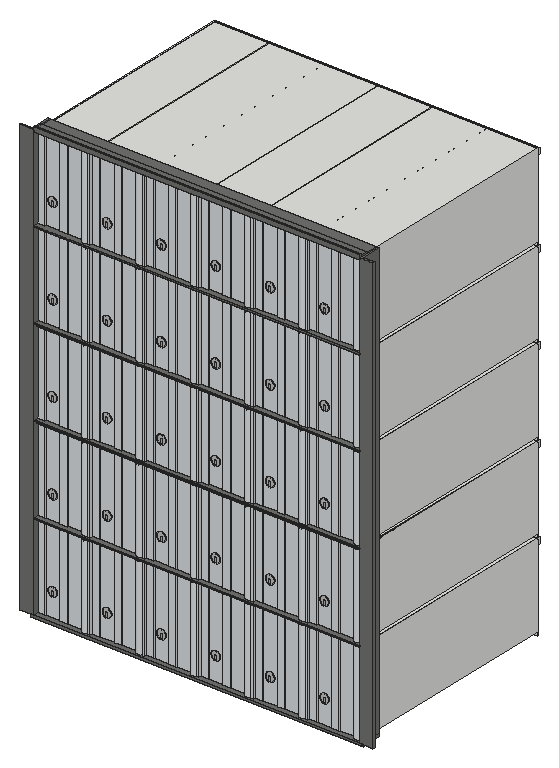
Revit family "2200_Series_Aluminum_Mailboxes_Standard_Units", category Specialty Equipment, Revit 2016
Family settings
  Part Type = Normal
  Round Connector Dimension = Use Diameter
  OmniClass Number = 23.40.90.14.11
  OmniClass Title = Mail Boxes
  Work Plane-Based = No
  Always vertical = Yes
  Cut with Voids When Loaded = No
  Shared = No
  Room Calculation Point = No
Parameters (values of type "2230")
  Width = 23.250"
  Void 4 Offset = 6.06262"
  Void 2 Offset = 17.937"
  Visible = yes
  Version = "2.0 (06/30/18)"
  URL = "www.mailboxes.com"
  Type Comments = "Aluminum Mailbox"
  Trim Material = Aluminum - Salsbury Finish - Black
  Rear Overhang = yes
  OmniClass 23 Title = "Mail Boxes"
  OmniClass 23 Number = "23.40.90.14.11"
  Model = "2230"
  MasterFormat Title = "Postal Specialties"
  MasterFormat Number = "10 55 00"
  Manufacturer = "Salsbury Industries"
  Lock Material = Stainless Steel -Salsbury Finish - Polished
  Horizontal Dividers 1 and 3 = yes
  Horizontal Divider 4 = yes
  Horizontal Divider 2 = yes
  Height = 30.000"
  Front Panel Material = Aluminum - Salsbury Finish - Aluminum
  Door Numbers [instance] = yes
  Door Location D9 = Rack Ladder #1 Door : #1 Door
  Door Location D8 = Rack Ladder #1 Door : #1 Door
  Door Location D7 = Rack Ladder #1 Door : #1 Door
  Door Location D6 = Rack Ladder #1 Door : #1 Door
  Door Location D5 = Rack Ladder #1 Door : #1 Door
  Door Location D40 = Rack Ladder None : No Door
  Door Location D4 = Rack Ladder #1 Door : #1 Door
  Door Location D39 = Rack Ladder None : No Door
  Door Location D38 = Rack Ladder None : No Door
  Door Location D37 = Rack Ladder None : No Door
  Door Location D36 = Rack Ladder None : No Door
  Door Location D35 = Rack Ladder None : No Door
  Door Location D34 = Rack Ladder None : No Door
  Door Location D33 = Rack Ladder None : No Door
  Door Location D32 = Rack Ladder None : No Door
  Door Location D31 = Rack Ladder None : No Door
  Door Location D30 = Rack Ladder #1 Door : #1 Door
  Door Location D3 = Rack Ladder #1 Door : #1 Door
  Door Location D29 = Rack Ladder #1 Door : #1 Door
  Door Location D28 = Rack Ladder #1 Door : #1 Door
  Door Location D27 = Rack Ladder #1 Door : #1 Door
  Door Location D26 = Rack Ladder #1 Door : #1 Door
  Door Location D25 = Rack Ladder #1 Door : #1 Door
  Door Location D24 = Rack Ladder #1 Door : #1 Door
  Door Location D23 = Rack Ladder #1 Door : #1 Door
  Door Location D22 = Rack Ladder #1 Door : #1 Door
  Door Location D21 = Rack Ladder #1 Door : #1 Door
  Door Location D20 = Rack Ladder #1 Door : #1 Door
  Door Location D2 = Rack Ladder #1 Door : #1 Door
  Door Location D19 = Rack Ladder #1 Door : #1 Door
  Door Location D18 = Rack Ladder #1 Door : #1 Door
  Door Location D17 = Rack Ladder #1 Door : #1 Door
  Door Location D16 = Rack Ladder #1 Door : #1 Door
  Door Location D15 = Rack Ladder #1 Door : #1 Door
  Door Location D14 = Rack Ladder #1 Door : #1 Door
  Door Location D13 = Rack Ladder #1 Door : #1 Door
  Door Location D12 = Rack Ladder #1 Door : #1 Door
  Door Location D11 = Rack Ladder #1 Door : #1 Door
  Door Location D10 = Rack Ladder #1 Door : #1 Door
  Door Location D1 = Rack Ladder #1 Door : #1 Door
  Dividers 6, 7 = no
  Dividers 1, 2, 4, 5 = yes
  Divider 6 and 7 Offset = 29.40625"
  Divider 3 = yes
  Description = "Standard System - 30 #1 Doors"
  Depth = 15.500"
  Back Enclosure Material = Steel - Salsbury Finish - Clear
  Assembly Code = "C1030910"
Reference planes (in)
  plane 1 "Center (Front/Back)": y = 0
  plane 2 "Bottom": z = 0
  plane 3 "Center (Left/Right)": x = 0
  plane 4 "Left": x = -11.625
  plane 5 "Right": x = 11.625
  plane 6 "Front": y = -7.75
  plane 7 "Back": y = 7.75
  plane 8 "Vertical Center": z = 15
  plane 9 "Top": z = 30
  plane 10: y = -7.625
  plane 11 "Door Align-Back of Door": y = -7.09375
  plane 12 "Back Edge of Top Trim": y = -6.21875
  plane 13 "Front Edge of Side Panels": y = -6.8125
  plane 14 "Back Edge of Side Panels": y = 7.625
  plane 15: y = -7.563
  plane 16: y = -7.063
  plane 17 "Back Edge of Bottom Trim": y = -6.1255
  plane 18: z = 0.125
  plane 19: z = 0.0625
  plane 20 "Bottom Trim Height": z = 0.25
  plane 21 "Top Trim Height": z = 29.6875
  plane 22: z = 29.84375
  plane 23: z = 29.875
  plane 24 "Right Side Trim Alignment-Top and Bottom Trim": x = 11.25
  plane 25 "Inner Right Side of Trim": x = 11.09375
  plane 26 "Right Wall of Enclsosure": x = 10.93775
  plane 27: y = -7.5
  plane 28: y = -7.375
  plane 29 "Back Edge of Side Trim": y = -6.3125
  plane 30 "Left Side Trim Alignment-Top and Bottom Trim": x = -11.25
  plane 31 "Trop Trim Extrusion Line": y = -7.53125
  plane 32 "Left Wall of Enclosure": x = -11.0935
  plane 33: z = 29.65625
  plane 34: z = 0
  plane 35: x = -11.59375
  plane 36: x = 11.625
  plane 37 "Door Divider 2": x = -3.6975
  plane 38 "Door Divider 3": x = 0.0005
  plane 39 "Door Divider 4": x = 3.6985
  plane 40 "Door Divider 7": x = 5.54825
  plane 41 "Door Divider 5": x = 7.3965
  plane 42 "Door Divider 6": x = -5.54675
  plane 43 "Door Divider 1": x = -7.3955
  plane 44 "Door Divider Offset Align": x = 11.09375
  plane 45 "Door Divider": x = 11.09375
  plane 46 "Void 4 Offset": z = 6.06262
  plane 47 "Door Align - Row 5": z = 0.28125
  plane 48 "Gap 4 Top": z = 6.219
  plane 49 "Vertical Door Align 5": x = 7.23725
  plane 50 "Vertical Door Align 8": x = 5.389
  plane 51 "Vertical Door Align 4": x = 3.53925
  plane 52 "Vertical Door Align 3": x = -0.15875
  plane 53 "Vertical Door Align 2": x = -3.85675
  plane 54 "Vertical Door Align 7": x = -5.70575
  plane 55 "Vertical Door Align 1": x = -7.5545
  plane 56 "Vertical Door Align 6": x = 10.9375
  plane 57 "OffSet Divider Line": x = -11.0935
  plane 58 "Gap 4 Bottom": z = 5.90625
  plane 59 "Gap 3 Bottom": z = 11.844
  plane 60 "Gap 3 Top": z = 12.156
  plane 61 "Void 3 Offset": z = 12
  plane 62 "Gap 2 Bottom": z = 17.781
  plane 63 "Gap 2 Top": z = 18.093
  plane 64 "Void 2 Offset": z = 17.937
  plane 65 "Gap 1 Bottom": z = 23.718
  plane 66 "Gap 1 Top": z = 24.03
  plane 67 "Void 1 Offset": z = 23.874
  plane 68: z = 17.999
  plane 69: z = 23.936
  plane 70: z = 12.06175
  plane 71: z = 6.125
  plane 72 "Divider Offset": z = 0.25
  plane 73 "Top of Divider Offset": z = 29.65625
  plane 74: x = 11.99975
  plane 75: x = -11.9995
  plane 76: y = 7.594
  plane 77: z = 6.18762
  plane 78: z = 5.93762
  plane 79: z = 11.875
  plane 80: z = 12.125
  plane 81: z = 17.812
  plane 82: z = 18.062
  plane 83: z = 23.749
  plane 84: z = 23.999
  plane 85: z = 5.53125
  plane 86: z = 5.88241
  plane 87: z = 5.56225
  plane 88: y = 7.719
  plane 89: y = 7.68316
  plane 90: y = 7.65216
  plane 91: z = 11.469
  plane 92: z = 11.5
  plane 93: z = 11.82016
  plane 94: y = 7.719
  plane 95: y = 7.68316
  plane 96: y = 7.65216
  plane 97: z = 17.406
  plane 98: z = 17.437
  plane 99: z = 17.75716
  plane 100: y = 7.719
  plane 101: y = 7.68316
  plane 102: y = 7.65216
  plane 103: z = 23.343
  plane 104: z = 23.374
  plane 105: z = 23.69416
  plane 106: y = 7.719
  plane 107: y = 7.68316
  plane 108: y = 7.65216
  plane 109: z = 29.28125
  plane 110: z = 29.31225
  plane 111: z = 29.63266
  plane 112: y = 7.719
  plane 113: y = 7.6812
  plane 114: y = 7.6502
  plane 115: x = -11.06225
  plane 116: x = 10.9065
  plane 117: x = 7.3965
  plane 118: x = 5.57925
  plane 119: x = 7.4275
  plane 120: x = 3.7295
  plane 121: x = 0.0315
  plane 122: x = -3.6665
  plane 123: x = -5.51575
  plane 124: x = -7.3645
  plane 125: z = 6.18762
  plane 126: z = 5.93762
  plane 127: z = 18.062
  plane 128: z = 17.812
Forms (in)
  Extrusion 1, solid, material "Aluminum - Salsbury Finish - Black" <- "Trim Material", visible <- "Visible"
    sketch origin (0, 0, 0) x (0, 1, 0) y (0, 0, 1)
      loop
        line (-7.75, 29.6875) -> (-6.3125, 29.6875) -> (-6.3125, 29.84375) -> (-7.09375, 29.84375) -> (-7.09375, 29.875) -> (-7.625, 29.875) -> (-7.625, 30) -> (-7.75, 30) -> (-7.75, 29.6875)
    from -11.0935 to 11.09375
  Extrusion 2, solid, material "Aluminum - Salsbury Finish - Black" <- "Trim Material", visible <- "Visible"
    sketch origin (0, 0, 0) x (0, 1, 0) y (0, 0, 1)
      loop
        line (-6.3125, 0.25) -> (-7.75, 0.25) -> (-7.75, 0.125) -> (-7.563, 0.125) -> (-7.563, 0) -> (-7.063, 0) -> (-7.063, 0.0625) -> (-6.3125, 0.0625) -> (-6.3125, 0.25)
    from -11.25 to 11.25
  Extrusion 3, solid, material "Aluminum - Salsbury Finish - Black" <- "Trim Material", visible <- "Visible"
    sketch origin (0, 0, 15) x (0, -1, 0) y (1, 0, 0)
      loop
        line (7.75, 11.09375) -> (7.75, 11.99975) -> (7.625, 11.99975) -> (7.625, 11.25) -> (6.3125, 11.25) -> (6.3125, 11.09375) -> (7.75, 11.09375)
    from -14.75 to 14.84375
  Extrusion 4, solid, material "Aluminum - Salsbury Finish - Black" <- "Trim Material", visible <- "Visible"
    sketch origin (0, 0, 15) x (0, -1, 0) y (1, 0, 0)
      loop
        line (7.625, -11.9995) -> (7.75, -11.9995) -> (7.75, -11.0935) -> (6.3125, -11.0935) -> (6.3125, -11.25) -> (7.625, -11.25) -> (7.625, -11.9995)
    from -14.75 to 14.84375
  Sweep 5, solid, material "Steel - Salsbury Finish - Clear" <- "Back Enclosure Material", visible <- "Visible"
    path origin (0, 0, 0) x (1, 0, 0) y (0, 0, 1)
      loop
        line (-11.0935, 29.6875) -> (-11.0935, 0.25) -> (10.93775, 0.25) -> (10.93775, 29.6875) -> (-11.0935, 29.6875)
    profile origin (-0.07788, 0, 29.6875) x (0, 0, 1) y (0, -1, 0)
      loop
        line (0, 7.063) -> (-0.03125, 7.063) -> (-0.03125, -7.625) -> (0, -7.625) -> (0, 7.063)
  Extrusion 6, solid, material "Steel - Salsbury Finish - Clear" <- "Back Enclosure Material", visible <- "Rear Overhang"
    sketch origin (0, 0, 0) x (0, 1, 0) y (0, 0, 1)
      loop
        line (7.625, 29.6875) -> (7.625, 29.65625) -> (7.719, 29.65625) -> (7.719, 29.31225) -> (7.6812, 29.31225) -> (7.6812, 29.63266) -> (7.6502, 29.63266) -> (7.6502, 29.28125) -> (7.75, 29.28125) -> (7.75, 29.6875) -> (7.625, 29.6875)
    from -11.0935 to 10.93775
  Extrusion 7, solid, material "Steel - Salsbury Finish - Clear" <- "Back Enclosure Material", visible <- "Visible"
    sketch origin (0, 0, 0) x (0, 1, 0) y (0, 0, 1)
      loop
        line (7.625, 0.25) -> (7.594, 0.25) -> (7.594, 0) -> (7.625, 0) -> (7.625, 0.25)
    from -11.0935 to 10.93775
  Extrusion 8, void
    sketch origin (0, 0, 6.06262) x (0, -1, 0) y (1, 0, 0)
      loop
        line (-7.625, -11.0935) -> (7.563, -11.0935) -> (7.563, 11.09375) -> (-7.625, 11.09375) -> (-7.625, -11.0935)
    from -0.125 to 0.125
  Extrusion 9, solid, material "Steel - Salsbury Finish - Clear" <- "Back Enclosure Material", visible <- "Horizontal Dividers 1 and 3", detail levels fine
    sketch origin (0, 0, 3.0455) x (0, 1, 0) y (0, 0, 1)
      loop
        line (7.625, 20.7035) -> (7.625, 20.9535) -> (7.594, 20.9535) -> (7.594, 20.6725) -> (7.719, 20.6725) -> (7.719, 20.3285) -> (7.68316, 20.3285) -> (7.68316, 20.64866) -> (7.65216, 20.64866) -> (7.65216, 20.2975) -> (7.75, 20.2975) -> (7.75, 20.7035) -> (7.625, 20.7035)
    from -11.0935 to 10.93775
  Extrusion 10, solid, material "Aluminum - Salsbury Finish - Aluminum" <- "Front Panel Material", visible <- "Visible"
    sketch origin (11.09375, 0, 0) x (0, -1, 0) y (0, 0, 1)
      loop
        line (6.3125, 29.6875) -> (6.3125, 0.25) -> (7.53125, 0.25) -> (7.53125, 29.6875) -> (6.3125, 29.6875)
    from 0 to 0.156
  Extrusion 11, solid, material "Aluminum - Salsbury Finish - Aluminum" <- "Front Panel Material", visible <- "Dividers 6, 7"
    sketch origin (5.54825, 0, 0) x (0, 0, -1) y (0, -1, 0)
      loop
        line (-29.6875, 6.3125) -> (-0.25, 6.3125) -> (-0.25, 7.53125) -> (-29.6875, 7.53125) -> (-29.6875, 6.3125)
    from 0 to 0.15925
  Extrusion 12, solid, material "Aluminum - Salsbury Finish - Aluminum" <- "Front Panel Material", visible <- "Dividers 1, 2, 4, 5"
    sketch origin (7.3965, 0, 0) x (0, 0, -1) y (0, -1, 0)
      loop
        line (-29.6875, 6.3125) -> (-0.25, 6.3125) -> (-0.25, 7.53125) -> (-29.6875, 7.53125) -> (-29.6875, 6.3125)
    from 0 to 0.15925
  Extrusion 13, solid, material "Aluminum - Salsbury Finish - Aluminum" <- "Front Panel Material", visible <- "Dividers 6, 7"
    sketch origin (-5.54675, 0, 0) x (0, 0, -1) y (0, 1, 0)
      loop
        line (-29.6875, -6.3125) -> (-29.6875, -7.53125) -> (-0.25, -7.53125) -> (-0.25, -6.3125) -> (-29.6875, -6.3125)
    from 0 to -0.159
  Extrusion 14, solid, material "Aluminum - Salsbury Finish - Aluminum" <- "Front Panel Material", visible <- "Dividers 1, 2, 4, 5"
    sketch origin (3.6985, 0, 0) x (0, 0, -1) y (0, -1, 0)
      loop
        line (-29.6875, 6.3125) -> (-0.25, 6.3125) -> (-0.25, 7.53125) -> (-29.6875, 7.53125) -> (-29.6875, 6.3125)
    from 0 to 0.15925
  Extrusion 15, solid, material "Aluminum - Salsbury Finish - Aluminum" <- "Front Panel Material", visible <- "Divider 3"
    sketch origin (0.0005, 0, 0) x (0, 0, -1) y (0, -1, 0)
      loop
        line (-29.6875, 6.3125) -> (-0.28125, 6.3125) -> (-0.28125, 7.53125) -> (-29.6875, 7.53125) -> (-29.6875, 6.3125)
    from 0 to 0.15925
  Extrusion 16, solid, material "Aluminum - Salsbury Finish - Aluminum" <- "Front Panel Material", visible <- "Dividers 1, 2, 4, 5"
    sketch origin (-3.6975, 0, 0) x (0, 0, -1) y (0, -1, 0)
      loop
        line (-29.6875, 6.3125) -> (-0.25, 6.3125) -> (-0.25, 7.53125) -> (-29.6875, 7.53125) -> (-29.6875, 6.3125)
    from 0 to 0.15925
  Extrusion 17, solid, material "Aluminum - Salsbury Finish - Aluminum" <- "Front Panel Material", visible <- "Dividers 1, 2, 4, 5"
    sketch origin (-7.3955, 0, 0) x (0, 0, -1) y (0, 1, 0)
      loop
        line (-29.6875, -6.3125) -> (-29.6875, -7.53125) -> (-0.25, -7.53125) -> (-0.25, -6.3125) -> (-29.6875, -6.3125)
    from 0 to -0.159
  Extrusion 18, solid, material "Steel - Salsbury Finish - Clear" <- "Back Enclosure Material", visible <- "Horizontal Divider 4"
    sketch origin (0, 0, 6.06262) x (0, -1, 0) y (1, 0, 0)
      loop
        line (-7.625, -11.06225) -> (7.09375, -11.06225) -> (7.09375, 10.9065) -> (-7.625, 10.9065) -> (-7.625, -11.06225)
    from -0.15638 to -0.125
  Extrusion 19, solid, material "Steel - Salsbury Finish - Clear" <- "Back Enclosure Material", visible <- "Horizontal Divider 4"
    sketch origin (0, 0, 6.219) x (0, -1, 0) y (1, 0, 0)
      loop
        line (-7.625, -11.06225) -> (7.09375, -11.06225) -> (7.09375, 10.9065) -> (-7.625, 10.9065) -> (-7.625, -11.06225)
    from 0 to -0.03138
  Extrusion 20, solid, material "Steel - Salsbury Finish - Clear" <- "Back Enclosure Material", visible <- "Dividers 1, 2, 4, 5"
    sketch origin (7.3965, 0, 0) x (0, 0, -1) y (0, -1, 0)
      loop
        line (-29.65625, 7.063) -> (-29.65625, -7.625) -> (-0.28125, -7.625) -> (-0.28125, 7.063) -> (-29.65625, 7.063)
    from 0 to -0.031
  Extrusion 21, solid, material "Steel - Salsbury Finish - Clear" <- "Back Enclosure Material", visible <- "Dividers 1, 2, 4, 5"
    sketch origin (3.6985, 0, 0) x (0, 0, -1) y (0, -1, 0)
      loop
        line (-29.65625, 7.063) -> (-29.65625, -7.625) -> (-0.28125, -7.625) -> (-0.28125, 7.063) -> (-29.65625, 7.063)
    from 0 to -0.031
  Extrusion 22, solid, material "Steel - Salsbury Finish - Clear" <- "Back Enclosure Material", visible <- "Divider 3"
    sketch origin (0.0005, 0, 0) x (0, 0, -1) y (0, -1, 0)
      loop
        line (-29.65625, 7.063) -> (-29.65625, -7.625) -> (-0.28125, -7.625) -> (-0.28125, 7.063) -> (-29.65625, 7.063)
    from 0 to -0.031
  Extrusion 23, solid, material "Steel - Salsbury Finish - Clear" <- "Back Enclosure Material", visible <- "Dividers 1, 2, 4, 5"
    sketch origin (-3.6975, 0, 0) x (0, 0, -1) y (0, -1, 0)
      loop
        line (-29.65625, 7.063) -> (-29.65625, -7.625) -> (-0.28125, -7.625) -> (-0.28125, 7.063) -> (-29.65625, 7.063)
    from 0 to -0.031
  Extrusion 24, solid, material "Steel - Salsbury Finish - Clear" <- "Back Enclosure Material", visible <- "Dividers 1, 2, 4, 5"
    sketch origin (-7.3955, 0, 0) x (0, 0, -1) y (0, 1, 0)
      loop
        line (-29.65625, -7.063) -> (-0.28125, -7.063) -> (-0.28125, 7.625) -> (-29.65625, 7.625) -> (-29.65625, -7.063)
    from 0 to 0.031
  Extrusion 25, solid, material "Steel - Salsbury Finish - Clear" <- "Back Enclosure Material", visible <- "Dividers 6, 7"
    sketch origin (5.54825, 0, 0) x (0, 0, -1) y (0, -1, 0)
      loop
        line (-29.65625, 7.063) -> (-29.65625, -7.625) -> (-0.25, -7.625) -> (-0.25, 7.063) -> (-29.65625, 7.063)
    from 0 to -0.031
  Extrusion 26, solid, material "Steel - Salsbury Finish - Clear" <- "Back Enclosure Material", visible <- "Dividers 6, 7"
    sketch origin (-5.54675, 0, 0) x (0, 0, -1) y (0, 1, 0)
      loop
        line (-29.65625, -7.063) -> (-0.25, -7.063) -> (-0.25, 7.625) -> (-29.65625, 7.625) -> (-29.65625, -7.063)
    from 0 to 0.031
  Extrusion 27, solid, material "Steel - Salsbury Finish - Clear" <- "Back Enclosure Material", visible <- "Horizontal Dividers 1 and 3"
    sketch origin (0, 0, 12.156) x (0, -1, 0) y (1, 0, 0)
      loop
        line (-7.625, -11.06225) -> (7.09375, -11.06225) -> (7.09375, 10.9065) -> (-7.625, 10.9065) -> (-7.625, -11.06225)
    from 0 to -0.031
  Extrusion 28, solid, material "Steel - Salsbury Finish - Clear" <- "Back Enclosure Material", visible <- "Horizontal Dividers 1 and 3"
    sketch origin (0, 0, 11.844) x (0, -1, 0) y (1, 0, 0)
      loop
        line (-7.625, -11.06225) -> (7.09375, -11.06225) -> (7.09375, 10.9065) -> (-7.625, 10.9065) -> (-7.625, -11.06225)
    from 0 to 0.031
  Extrusion 29, void
    sketch origin (0, 0, 12) x (-1, 0, 0) y (0, -1, 0)
      loop
        line (11.0935, -7.625) -> (11.0935, 7.563) -> (-11.09375, 7.563) -> (-11.09375, -7.625) -> (11.0935, -7.625)
    from -0.125 to 0.125
  Extrusion 30, solid, material "Steel - Salsbury Finish - Clear" <- "Back Enclosure Material", visible <- "Horizontal Divider 2"
    sketch origin (0, 0, 17.781) x (0, -1, 0) y (1, 0, 0)
      loop
        line (-7.625, -11.06225) -> (7.09375, -11.06225) -> (7.09375, 10.9065) -> (-7.625, 10.9065) -> (-7.625, -11.06225)
    from 0 to 0.031
  Extrusion 31, solid, material "Steel - Salsbury Finish - Clear" <- "Back Enclosure Material", visible <- "Horizontal Divider 2"
    sketch origin (0, 0, 18.093) x (0, -1, 0) y (1, 0, 0)
      loop
        line (-7.625, -11.06225) -> (7.09375, -11.06225) -> (7.09375, 10.9065) -> (-7.625, 10.9065) -> (-7.625, -11.06225)
    from 0 to -0.031
  Extrusion 32, void
    sketch origin (0, 0, 17.937) x (-1, 0, 0) y (0, -1, 0)
      loop
        line (11.0935, -7.625) -> (11.0935, 7.563) -> (-11.09375, 7.563) -> (-11.09375, -7.625) -> (11.0935, -7.625)
    from -0.125 to 0.125
  Extrusion 33, void
    sketch origin (0, 0, 23.874) x (-1, 0, 0) y (0, -1, 0)
      loop
        line (11.0935, -7.625) -> (11.0935, 7.563) -> (-11.09375, 7.563) -> (-11.09375, -7.625) -> (11.0935, -7.625)
    from -0.125 to 0.125
  Extrusion 34, solid, material "Steel - Salsbury Finish - Clear" <- "Back Enclosure Material", visible <- "Horizontal Dividers 1 and 3"
    sketch origin (0, 0, 23.718) x (0, -1, 0) y (1, 0, 0)
      loop
        line (-7.625, -11.06225) -> (7.09375, -11.06225) -> (7.09375, 10.9065) -> (-7.625, 10.9065) -> (-7.625, -11.06225)
    from 0 to 0.031
  Extrusion 35, solid, material "Steel - Salsbury Finish - Clear" <- "Back Enclosure Material", visible <- "Horizontal Dividers 1 and 3"
    sketch origin (0, 0, 24.03) x (0, -1, 0) y (1, 0, 0)
      loop
        line (-7.625, -11.06225) -> (7.09375, -11.06225) -> (7.09375, 10.9065) -> (-7.625, 10.9065) -> (-7.625, -11.06225)
    from 0 to -0.031
  Extrusion 36, solid, material "Aluminum - Salsbury Finish - Black" <- "Trim Material", visible <- "Horizontal Divider 2"
    sketch origin (0, 0, 0) x (0, 1, 0) y (0, 0, 1)
      loop
        line (-6.3125, 18.062) -> (-7.75, 18.062) -> (-7.75, 17.999) -> (-7.53125, 17.999) -> (-7.53125, 17.812) -> (-6.3125, 17.812) -> (-6.3125, 18.062)
    from -11.0935 to 11.09375
  Extrusion 37, solid, material "Aluminum - Salsbury Finish - Black" <- "Trim Material", visible <- "Visible"
    sketch origin (0, 0, 5.937) x (0, 1, 0) y (0, 0, 1)
      loop
        line (-6.3125, 18.062) -> (-7.75, 18.062) -> (-7.75, 17.999) -> (-7.53125, 17.999) -> (-7.53125, 17.812) -> (-6.3125, 17.812) -> (-6.3125, 18.062)
    from -11.0935 to 11.09375
  Extrusion 38, solid, material "Aluminum - Salsbury Finish - Black" <- "Trim Material", visible <- "Visible"
    sketch origin (0, 0, -5.93725) x (0, 1, 0) y (0, 0, 1)
      loop
        line (-6.3125, 18.06225) -> (-7.75, 18.06225) -> (-7.75, 17.999) -> (-7.53125, 17.999) -> (-7.53125, 17.81225) -> (-6.3125, 17.81225) -> (-6.3125, 18.06225)
    from -11.0935 to 11.09375
  Extrusion 39, solid, material "Aluminum - Salsbury Finish - Black" <- "Trim Material", visible <- "Horizontal Divider 4"
    sketch origin (0, 0, -11.87462) x (0, 1, 0) y (0, 0, 1)
      loop
        line (-6.3125, 18.06225) -> (-7.75, 18.06225) -> (-7.75, 17.99963) -> (-7.53125, 17.99963) -> (-7.53125, 17.81225) -> (-6.3125, 17.81225) -> (-6.3125, 18.06225)
    from -11.0935 to 11.09375
  Extrusion 40, solid, material "Steel - Salsbury Finish - Clear" <- "Back Enclosure Material", visible <- "Horizontal Divider 2", detail levels fine
    sketch origin (0, 0, -2.8915) x (0, 1, 0) y (0, 0, 1)
      loop
        line (7.625, 20.7035) -> (7.625, 20.9535) -> (7.594, 20.9535) -> (7.594, 20.6725) -> (7.719, 20.6725) -> (7.719, 20.3285) -> (7.68316, 20.3285) -> (7.68316, 20.64866) -> (7.65216, 20.64866) -> (7.65216, 20.2975) -> (7.75, 20.2975) -> (7.75, 20.7035) -> (7.625, 20.7035)
    from -11.0935 to 10.93775
  Extrusion 41, solid, material "Steel - Salsbury Finish - Clear" <- "Back Enclosure Material", visible <- "Horizontal Dividers 1 and 3", detail levels fine
    sketch origin (0, 0, -8.8285) x (0, 1, 0) y (0, 0, 1)
      loop
        line (7.625, 20.7035) -> (7.625, 20.9535) -> (7.594, 20.9535) -> (7.594, 20.6725) -> (7.719, 20.6725) -> (7.719, 20.3285) -> (7.68316, 20.3285) -> (7.68316, 20.64866) -> (7.65216, 20.64866) -> (7.65216, 20.2975) -> (7.75, 20.2975) -> (7.75, 20.7035) -> (7.625, 20.7035)
    from -11.0935 to 10.93775
  Extrusion 42, solid, material "Steel - Salsbury Finish - Clear" <- "Back Enclosure Material", visible <- "Horizontal Divider 4", detail levels fine
    sketch origin (0, 0, -14.76625) x (0, 1, 0) y (0, 0, 1)
      loop
        line (7.625, 20.70388) -> (7.625, 20.95388) -> (7.594, 20.95388) -> (7.594, 20.6725) -> (7.719, 20.6725) -> (7.719, 20.3285) -> (7.68316, 20.3285) -> (7.68316, 20.64866) -> (7.65216, 20.64866) -> (7.65216, 20.2975) -> (7.75, 20.2975) -> (7.75, 20.70388) -> (7.625, 20.70388)
    from -11.0935 to 10.93775
Cuts and joins
  Extrusion 29, Extrusion 32, Extrusion 33 cuts Extrusion 3
  Extrusion 8, Extrusion 29, Extrusion 32, Extrusion 33 cuts Sweep 5
  Extrusion 8, Extrusion 29, Extrusion 32, Extrusion 33 cuts Extrusion 10
  Extrusion 8, Extrusion 29, Extrusion 32, Extrusion 33 cuts Extrusion 12
  Extrusion 8, Extrusion 29, Extrusion 32, Extrusion 33 cuts Extrusion 11
  Extrusion 8, Extrusion 29, Extrusion 32, Extrusion 33 cuts Extrusion 14
  Extrusion 8, Extrusion 29, Extrusion 32, Extrusion 33 cuts Extrusion 15
  Extrusion 8, Extrusion 29, Extrusion 32, Extrusion 33 cuts Extrusion 16
  Extrusion 8, Extrusion 29, Extrusion 32, Extrusion 33 cuts Extrusion 13
  Extrusion 8, Extrusion 29, Extrusion 32, Extrusion 33 cuts Extrusion 17
  Extrusion 8, Extrusion 29, Extrusion 32, Extrusion 33 cuts Extrusion 20
  Extrusion 8, Extrusion 29, Extrusion 32, Extrusion 33 cuts Extrusion 25
  Extrusion 8, Extrusion 29, Extrusion 32, Extrusion 33 cuts Extrusion 21
  Extrusion 8, Extrusion 29, Extrusion 32, Extrusion 33 cuts Extrusion 22
  Extrusion 8, Extrusion 29, Extrusion 32, Extrusion 33 cuts Extrusion 23
  Extrusion 8, Extrusion 29, Extrusion 32, Extrusion 33 cuts Extrusion 26
  Extrusion 8, Extrusion 29, Extrusion 32, Extrusion 33 cuts Extrusion 24
  Extrusion 29, Extrusion 32, Extrusion 33 cuts Extrusion 4
  Extrusion 29 cuts Extrusion 18
  Extrusion 29 cuts Extrusion 19
  Extrusion 32 cuts Extrusion 27
  Extrusion 32 cuts Extrusion 28
  Extrusion 33 cuts Extrusion 30
  Extrusion 33 cuts Extrusion 31
Lines and regions (in)
  symbolic lines
    curve 1: line (-11.0935, 7.75, 29.6875) -> (11.09375, 7.75, 29.6875)
    curve 2: line (-11.0935, 7.75, 0.25) -> (-11.0935, 7.75, 29.6875)
    curve 3: line (11.09375, 7.75, 0.25) -> (-11.0935, 7.75, 0.25)
    curve 4: line (11.09375, 7.75, 29.6875) -> (11.09375, 7.75, 0.25)
    curve 5: line (11.09375, 7.75, 29.6875) -> (11.09375, 7.75, 30)
    curve 6: line (11.09375, 7.75, 30) -> (-11.0935, 7.75, 30)
    curve 7: line (-11.0935, 7.75, 30) -> (-11.0935, 7.75, 29.6875)
    curve 8: line (-11.25, 7.75, 0) -> (-11.25, 7.75, 0.25)
    curve 9: line (-11.25, 7.75, 0) -> (11.25, 7.75, 0)
    curve 10: line (11.25, 7.75, 0) -> (11.25, 7.75, 0.25)
    curve 11: line (11.09375, 7.75, 0.25) -> (11.99975, 7.75, 0.25)
    curve 12: line (11.99975, 7.75, 0.25) -> (11.99975, 7.75, 29.84375)
    curve 13: line (-11.9995, 7.75, 0.25) -> (-11.9995, 7.75, 29.84375)
    curve 14: line (11.99975, 7.75, 29.84375) -> (11.09375, 7.75, 29.84375)
    curve 15: line (-11.9995, 7.75, 29.84375) -> (-11.0935, 7.75, 29.84375)
    curve 16: line (-11.9995, 7.75, 0.25) -> (-11.0935, 7.75, 0.25)
    curve 17: line (0, -6.3125, 29.6875) -> (0, 7.75, 29.6875)
    curve 18: line (0, -6.3125, 0.25) -> (0, -6.3125, 29.6875)
    curve 19: line (0, 7.75, 0.25) -> (0, -6.3125, 0.25)
    curve 20: line (0, 7.75, 29.6875) -> (0, 7.75, 0.25)
    curve 21: line (0, -7.75, 30) -> (0, -6.3125, 30)
    curve 22: line (0, -7.75, 0) -> (0, -7.75, 30)
    curve 23: line (0, -6.3125, 0) -> (0, -7.75, 0)
    curve 24: line (0, -6.3125, 30) -> (0, -6.3125, 0)
    curve 25: line (-11.0935, 7.75, 0.28125) -> (11.25, 7.75, 0.28125)
    curve 26: line (-11.0935, -6.3125, 0.28125) -> (-11.0935, 7.75, 0.28125)
    curve 27: line (11.25, -6.3125, 0.28125) -> (-11.25, -6.3125, 0.28125)
    curve 28: line (11.25, 7.75, 0.28125) -> (11.25, -6.3125, 0.28125)
    curve 29: line (-11.9995, -7.75, 0.28125) -> (11.99975, -7.75, 0.28125)
    curve 30: line (-11.9995, -7.625, 0.28125) -> (-11.9995, -7.75, 0.28125)
    curve 31: line (-11.25, -6.3125, 0.28125) -> (-11.25, -7.625, 0.28125)
    curve 32: line (-11.25, -7.625, 0.28125) -> (-11.9995, -7.625, 0.28125)
    curve 33: line (-11.9995, -7.625, 0.28125) -> (-11.9995, -7.75, 0.28125)
    curve 34: line (11.25, -7.625, 0.28125) -> (11.25, -6.3125, 0.28125)
    curve 35: line (11.25, -7.625, 0.28125) -> (11.99975, -7.625, 0.28125)
    curve 36: line (11.99975, -7.75, 0.28125) -> (11.99975, -7.625, 0.28125)
    curve 37: line (-11.0935, 7.75, 30) -> (11.09375, 7.75, 30)
    curve 38: line (-11.0935, 7.75, 29.6875) -> (-11.0935, 7.75, 30)
    curve 39: line (11.09375, 7.75, 29.6875) -> (-11.0935, 7.75, 29.6875)
    curve 40: line (11.09375, 7.75, 30) -> (11.09375, 7.75, 29.6875)
    curve 41: line (-11.25, 7.75, 0) -> (11.25, 7.75, 0)
    curve 42: line (-11.25, 7.75, 0.25) -> (-11.25, 7.75, 0)
    curve 43: line (11.25, 7.75, 0.25) -> (-11.25, 7.75, 0.25)
    curve 44: line (11.25, 7.75, 0) -> (11.25, 7.75, 0.25)
    curve 45: line (-11.9995, 7.75, 29.84375) -> (-11.0935, 7.75, 29.84375)
    curve 46: line (-11.9995, 7.75, 0.25) -> (-11.9995, 7.75, 29.84375)
    curve 47: line (-11.0935, 7.75, 0.25) -> (-11.9995, 7.75, 0.25)
    curve 48: line (-11.0935, 7.75, 29.84375) -> (-11.0935, 7.75, 0.25)
    curve 49: line (11.09375, 7.75, 29.84375) -> (11.99975, 7.75, 29.84375)
    curve 50: line (11.09375, 7.75, 0.25) -> (11.09375, 7.75, 29.84375)
    curve 51: line (11.99975, 7.75, 0.25) -> (11.09375, 7.75, 0.25)
    curve 52: line (11.99975, 7.75, 29.84375) -> (11.99975, 7.75, 0.25)
Dimensions and locks (in)
  plane 6 "Front" to plane 1 "Center (Front/Back)" to plane 7 "Back" = 7.750", 7.750"
  "Depth": plane 6 "Front" to plane 7 "Back"
  equal spacing: plane 4 "Left", plane 3 "Center (Left/Right)", plane 5 "Right"
  "Width": plane 4 "Left" to plane 5 "Right"
  equal spacing: plane 9 "Top", plane 8 "Vertical Center", plane 2 "Bottom"
  "Height": plane 9 "Top" to plane 2 "Bottom"
  plane 6 "Front" to plane 10 to plane 11 "Door Align-Back of Door" to plane 12 "Back Edge of Top Trim" = 0.125", 0.53125", 0.875"
  plane 14 "Back Edge of Side Panels" to plane 7 "Back" = 0.125"
  plane 6 "Front" to plane 13 "Front Edge of Side Panels" = 0.9375"
  plane 6 "Front" to plane 15 to plane 16 to plane 17 "Back Edge of Bottom Trim" = 0.187", 0.500", 0.9375"
  plane 18 to plane 2 "Bottom" = 0.125"
  plane 19 to plane 2 "Bottom" = 0.0625"
  plane 20 "Bottom Trim Height" to plane 2 "Bottom" = 0.250"
  plane 9 "Top" to plane 21 "Top Trim Height" = 0.3125"
  plane 22 to plane 9 "Top" = 0.15625"
  plane 23 to plane 9 "Top" = 0.125"
  plane 25 "Inner Right Side of Trim" to plane 24 "Right Side Trim Alignment-Top and Bottom Trim" to plane 5 "Right" = 0.15625", 0.375"
  plane 6 "Front" to plane 27 to plane 28 = 0.250", 0.125"
  plane 6 "Front" to plane 29 "Back Edge of Side Trim" = 1.4375"
  plane 4 "Left" to plane 30 "Left Side Trim Alignment-Top and Bottom Trim" = 0.375"
  plane 6 "Front" to plane 31 "Trop Trim Extrusion Line" = 0.21875"
  plane 33 to plane 21 "Top Trim Height" = 0.03125"
  plane 32 "Left Wall of Enclosure" to plane 43 "Door Divider 1" = 3.698"
  plane 32 "Left Wall of Enclosure" to plane 42 "Door Divider 6" = 5.54675"
  plane 32 "Left Wall of Enclosure" to plane 37 "Door Divider 2" = 7.396"
  plane 32 "Left Wall of Enclosure" to plane 38 "Door Divider 3" = 11.094"
  plane 32 "Left Wall of Enclosure" to plane 39 "Door Divider 4" = 14.792"
  plane 32 "Left Wall of Enclosure" to plane 40 "Door Divider 7" = 16.64175"
  plane 32 "Left Wall of Enclosure" to plane 41 "Door Divider 5" = 18.490"
  locked: plane 32 "Left Wall of Enclosure" to plane 26 "Right Wall of Enclsosure" at 22.03125
  plane 26 "Right Wall of Enclsosure" to plane 25 "Inner Right Side of Trim" = 0.156"
  plane 45 "Door Divider" to plane 44 "Door Divider Offset Align" = 0.000"
  "Void 4 Offset": plane 2 "Bottom" to plane 46 "Void 4 Offset"
  plane 49 "Vertical Door Align 5" to plane 41 "Door Divider 5" = 0.15925"
  plane 50 "Vertical Door Align 8" to plane 40 "Door Divider 7" = 0.15925"
  plane 51 "Vertical Door Align 4" to plane 39 "Door Divider 4" = 0.15925"
  plane 52 "Vertical Door Align 3" to plane 38 "Door Divider 3" = 0.15925"
  plane 53 "Vertical Door Align 2" to plane 37 "Door Divider 2" = 0.15925"
  plane 54 "Vertical Door Align 7" to plane 42 "Door Divider 6" = 0.159"
  plane 55 "Vertical Door Align 1" to plane 43 "Door Divider 1" = 0.159"
  "Void 2 Offset": plane 64 "Void 2 Offset" to plane 2 "Bottom"
  plane 63 "Gap 2 Top" to plane 68 to plane 62 "Gap 2 Bottom" = 0.094" locked, 0.218" locked
  plane 66 "Gap 1 Top" to plane 69 to plane 65 "Gap 1 Bottom" = 0.094", 0.218"
  plane 60 "Gap 3 Top" to plane 70 to plane 59 "Gap 3 Bottom" = 0.09425" locked, 0.21775" locked
  plane 48 "Gap 4 Top" to plane 71 to plane 58 "Gap 4 Bottom" = 0.094" locked, 0.21875" locked
  locked: plane 21 "Top Trim Height" to plane 73 "Top of Divider Offset" at 0.03125
  "Divider 6 and 7 Offset": plane 72 "Divider Offset" to plane 33
  plane 75 to plane 4 "Left" = 0.3745"
  plane 5 "Right" to plane 74 = 0.37475"
  locked: plane 76 to plane 14 "Back Edge of Side Panels" at 0.031
  plane 90 to plane 89 to plane 88 to plane 7 "Back" = 0.031", 0.03584", 0.031"
  plane 85 to plane 87 to plane 86 to plane 58 "Gap 4 Bottom" to plane 78 = 0.031", 0.32016", 0.02384", 0.03138"
  plane 76 to plane 14 "Back Edge of Side Panels" to plane 90 = 0.031", 0.02716"
  plane 96 to plane 95 to plane 94 to plane 7 "Back" = 0.031", 0.03584", 0.031"
  plane 91 to plane 92 to plane 93 to plane 59 "Gap 3 Bottom" = 0.031", 0.32016", 0.02384"
  plane 76 to plane 14 "Back Edge of Side Panels" = 0.031"
  plane 102 to plane 101 to plane 100 to plane 7 "Back" = 0.031", 0.03584", 0.031"
  plane 97 to plane 98 to plane 99 to plane 62 "Gap 2 Bottom" = 0.031", 0.32016", 0.02384"
  plane 108 to plane 107 to plane 106 to plane 7 "Back" = 0.031", 0.03584", 0.031"
  plane 103 to plane 104 to plane 105 to plane 65 "Gap 1 Bottom" = 0.031", 0.32016", 0.02384"
  plane 126 to plane 46 "Void 4 Offset" to plane 125 = 0.125" locked, 0.125" locked
  plane 128 to plane 64 "Void 2 Offset" to plane 127 = 0.125" locked, 0.125" locked
  aligned and locked: plane 2 "Bottom" to level
  aligned and locked: plane 32 "Left Wall of Enclosure" to Extrusion 9
  aligned and locked: Extrusion 9 to plane 26 "Right Wall of Enclsosure"
  aligned and locked: Extrusion 6 to plane 26 "Right Wall of Enclsosure"
  aligned and locked: plane 32 "Left Wall of Enclosure" to Extrusion 6
  aligned and locked: Extrusion 4 to plane 57 "OffSet Divider Line"
  aligned and locked: Extrusion 36 to plane 68
  aligned and locked: Extrusion 39 to plane 71
  aligned and locked: Extrusion 38 to plane 70
  aligned and locked: Extrusion 37 to plane 69
  aligned and locked: plane 72 "Divider Offset" to cut or joined group of Extrusion 8, Extrusion 26, Extrusion 29, Extrusion 32, Extrusion 33
  aligned and locked: plane 72 "Divider Offset" to cut or joined group of Extrusion 8, Extrusion 13, Extrusion 29, Extrusion 32, Extrusion 33
  aligned and locked: plane 72 "Divider Offset" to cut or joined group of Extrusion 8, Extrusion 25, Extrusion 29, Extrusion 32, Extrusion 33
  aligned and locked: plane 72 "Divider Offset" to cut or joined group of Extrusion 8, Extrusion 11, Extrusion 29, Extrusion 32, Extrusion 33
  aligned and locked: plane 56 "Vertical Door Align 6" to nested 6
  aligned and locked: nested 6 to plane 47 "Door Align - Row 5"
  aligned and locked: nested 5 to plane 47 "Door Align - Row 5"
  aligned and locked: plane 49 "Vertical Door Align 5" to nested 5
  aligned and locked: nested 4 to plane 47 "Door Align - Row 5"
  aligned and locked: plane 51 "Vertical Door Align 4" to nested 4
  aligned and locked: nested 3 to plane 47 "Door Align - Row 5"
  aligned and locked: plane 52 "Vertical Door Align 3" to nested 3
  aligned and locked: nested 1 to plane 47 "Door Align - Row 5"
  aligned and locked: plane 53 "Vertical Door Align 2" to nested 1
  aligned and locked: nested 2 to plane 47 "Door Align - Row 5"
  aligned and locked: plane 55 "Vertical Door Align 1" to nested 2
  aligned and locked: plane 55 "Vertical Door Align 1" to nested 8
  aligned and locked: nested 9 to plane 48 "Gap 4 Top"
  aligned and locked: nested 8 to plane 48 "Gap 4 Top"
  aligned and locked: nested 7 to plane 48 "Gap 4 Top"
  aligned and locked: plane 53 "Vertical Door Align 2" to nested 7
  aligned and locked: plane 52 "Vertical Door Align 3" to nested 9
  aligned and locked: plane 51 "Vertical Door Align 4" to nested 10
  aligned and locked: nested 12 to plane 48 "Gap 4 Top"
  aligned and locked: nested 11 to plane 48 "Gap 4 Top"
  aligned and locked: plane 49 "Vertical Door Align 5" to nested 11
  aligned and locked: plane 56 "Vertical Door Align 6" to nested 12
  aligned and locked: plane 56 "Vertical Door Align 6" to nested 18
  aligned and locked: nested 18 to plane 60 "Gap 3 Top"
  aligned and locked: plane 49 "Vertical Door Align 5" to nested 17
  aligned and locked: nested 17 to plane 60 "Gap 3 Top"
  aligned and locked: plane 51 "Vertical Door Align 4" to nested 16
  aligned and locked: nested 16 to plane 60 "Gap 3 Top"
  aligned and locked: plane 52 "Vertical Door Align 3" to nested 15
  aligned and locked: nested 15 to plane 60 "Gap 3 Top"
  aligned and locked: plane 53 "Vertical Door Align 2" to nested 13
  aligned and locked: nested 13 to plane 60 "Gap 3 Top"
  aligned and locked: plane 55 "Vertical Door Align 1" to nested 14
  aligned and locked: nested 14 to plane 60 "Gap 3 Top"
  aligned and locked: plane 55 "Vertical Door Align 1" to nested 20
  aligned and locked: nested 20 to plane 63 "Gap 2 Top"
  aligned and locked: plane 53 "Vertical Door Align 2" to nested 19
  aligned and locked: plane 63 "Gap 2 Top" to nested 19
  aligned and locked: plane 52 "Vertical Door Align 3" to nested 21
  aligned and locked: nested 22 to plane 63 "Gap 2 Top"
  aligned and locked: nested 21 to plane 63 "Gap 2 Top"
  aligned and locked: plane 51 "Vertical Door Align 4" to nested 22
  aligned and locked: plane 49 "Vertical Door Align 5" to nested 23
  aligned and locked: nested 24 to plane 63 "Gap 2 Top"
  aligned and locked: nested 23 to plane 63 "Gap 2 Top"
  aligned and locked: plane 56 "Vertical Door Align 6" to nested 24
  aligned and locked: plane 56 "Vertical Door Align 6" to nested 30
  aligned and locked: nested 30 to plane 66 "Gap 1 Top"
  aligned and locked: plane 49 "Vertical Door Align 5" to nested 29
  aligned and locked: nested 29 to plane 66 "Gap 1 Top"
  aligned and locked: plane 51 "Vertical Door Align 4" to nested 28
  aligned and locked: nested 28 to plane 66 "Gap 1 Top"
  aligned and locked: plane 52 "Vertical Door Align 3" to nested 27
  aligned and locked: nested 27 to plane 66 "Gap 1 Top"
  aligned and locked: plane 53 "Vertical Door Align 2" to nested 25
  aligned and locked: nested 25 to plane 66 "Gap 1 Top"
  aligned and locked: plane 55 "Vertical Door Align 1" to nested 26
  aligned and locked: nested 26 to plane 66 "Gap 1 Top"
  aligned and locked: plane 54 "Vertical Door Align 7" to nested 39
  aligned and locked: nested 39 to plane 66 "Gap 1 Top"
  aligned and locked: plane 50 "Vertical Door Align 8" to nested 40
  aligned and locked: nested 40 to plane 66 "Gap 1 Top"
  aligned and locked: plane 50 "Vertical Door Align 8" to nested 38
  aligned and locked: nested 38 to plane 63 "Gap 2 Top"
  aligned and locked: plane 54 "Vertical Door Align 7" to nested 37
  aligned and locked: nested 37 to plane 63 "Gap 2 Top"
  aligned and locked: plane 54 "Vertical Door Align 7" to nested 35
  aligned and locked: nested 35 to plane 60 "Gap 3 Top"
  aligned and locked: plane 50 "Vertical Door Align 8" to nested 36
  aligned and locked: nested 36 to plane 60 "Gap 3 Top"
  aligned and locked: plane 50 "Vertical Door Align 8" to nested 34
  aligned and locked: nested 34 to plane 48 "Gap 4 Top"
  aligned and locked: plane 54 "Vertical Door Align 7" to nested 33
  aligned and locked: nested 33 to plane 48 "Gap 4 Top"
  aligned and locked: plane 54 "Vertical Door Align 7" to nested 31
  aligned and locked: nested 31 to plane 47 "Door Align - Row 5"
  aligned and locked: plane 50 "Vertical Door Align 8" to nested 32
  aligned and locked: nested 32 to plane 47 "Door Align - Row 5"
  aligned and locked: Extrusion 1 sketch curve to plane 6 "Front"
  aligned and locked: Extrusion 1 sketch curve to plane 9 "Top"
  aligned and locked: plane 29 "Back Edge of Side Trim" to Extrusion 1 sketch curve
  aligned and locked: Extrusion 1 sketch curve to plane 21 "Top Trim Height"
  aligned and locked: plane 22 to Extrusion 1 sketch curve
  aligned and locked: plane 23 to Extrusion 1 sketch curve
  aligned and locked: Extrusion 1 sketch curve to plane 10
  aligned and locked: Extrusion 1 sketch curve to plane 11 "Door Align-Back of Door"
  aligned and locked: Extrusion 1 to plane 45 "Door Divider"
  aligned and locked: plane 57 "OffSet Divider Line" to Extrusion 1
  aligned and locked: Extrusion 2 sketch curve to plane 2 "Bottom"
  aligned and locked: Extrusion 2 sketch curve to plane 16
  aligned and locked: Extrusion 2 sketch curve to plane 19
  aligned and locked: Extrusion 2 sketch curve to plane 15
  aligned and locked: plane 18 to Extrusion 2 sketch curve
  aligned and locked: Extrusion 2 sketch curve to plane 6 "Front"
  aligned and locked: plane 30 "Left Side Trim Alignment-Top and Bottom Trim" to Extrusion 2
  aligned and locked: Extrusion 2 to plane 24 "Right Side Trim Alignment-Top and Bottom Trim"
  aligned and locked: plane 29 "Back Edge of Side Trim" to Extrusion 3 sketch curve
  aligned and locked: Extrusion 3 sketch curve to plane 45 "Door Divider"
  aligned and locked: plane 24 "Right Side Trim Alignment-Top and Bottom Trim" to Extrusion 3 sketch curve
  aligned and locked: plane 6 "Front" to Extrusion 3 sketch curve
  aligned and locked: Extrusion 3 sketch curve to plane 74
  aligned and locked: Extrusion 3 sketch curve to plane 10
  aligned and locked: cut or joined group of Extrusion 3, Extrusion 29, Extrusion 32, Extrusion 33 to plane 22
  aligned and locked: Extrusion 4 sketch curve to plane 6 "Front"
  aligned and locked: Extrusion 4 sketch curve to plane 57 "OffSet Divider Line"
  aligned and locked: Extrusion 4 sketch curve to plane 75
  aligned and locked: plane 10 to Extrusion 4 sketch curve
  aligned and locked: plane 30 "Left Side Trim Alignment-Top and Bottom Trim" to Extrusion 4 sketch curve
  aligned and locked: Extrusion 4 sketch curve to plane 29 "Back Edge of Side Trim"
  aligned and locked: cut or joined group of Extrusion 4, Extrusion 29, Extrusion 32, Extrusion 33 to plane 22
  aligned and locked: Extrusion 10 sketch curve to plane 29 "Back Edge of Side Trim"
  aligned and locked: Extrusion 10 sketch curve to plane 21 "Top Trim Height"
  aligned and locked: plane 31 "Trop Trim Extrusion Line" to Extrusion 10 sketch curve
  aligned and locked: nested 30 to plane 11 "Door Align-Back of Door"
  aligned and locked: plane 11 "Door Align-Back of Door" to nested 29
  aligned and locked: plane 11 "Door Align-Back of Door" to nested 28
  aligned and locked: plane 11 "Door Align-Back of Door" to nested 27
  aligned and locked: plane 11 "Door Align-Back of Door" to nested 25
  aligned and locked: plane 11 "Door Align-Back of Door" to nested 26
  aligned and locked: plane 11 "Door Align-Back of Door" to nested 24
  aligned and locked: plane 11 "Door Align-Back of Door" to nested 23
  aligned and locked: plane 11 "Door Align-Back of Door" to nested 22
  aligned and locked: plane 11 "Door Align-Back of Door" to nested 21
  aligned and locked: plane 11 "Door Align-Back of Door" to nested 20
  aligned and locked: plane 11 "Door Align-Back of Door" to nested 19
  aligned and locked: plane 11 "Door Align-Back of Door" to nested 18
  aligned and locked: plane 11 "Door Align-Back of Door" to nested 17
  aligned and locked: plane 11 "Door Align-Back of Door" to nested 16
  aligned and locked: plane 11 "Door Align-Back of Door" to nested 15
  aligned and locked: plane 11 "Door Align-Back of Door" to nested 14
  aligned and locked: plane 11 "Door Align-Back of Door" to nested 13
  aligned and locked: nested 10 to plane 48 "Gap 4 Top"
  aligned and locked: plane 11 "Door Align-Back of Door" to nested 12
  aligned and locked: plane 11 "Door Align-Back of Door" to nested 11
  aligned and locked: plane 11 "Door Align-Back of Door" to nested 10
  aligned and locked: plane 11 "Door Align-Back of Door" to nested 9
  aligned and locked: plane 11 "Door Align-Back of Door" to nested 8
  aligned and locked: plane 11 "Door Align-Back of Door" to nested 7
  aligned and locked: plane 11 "Door Align-Back of Door" to nested 6
  aligned and locked: plane 11 "Door Align-Back of Door" to nested 5
  aligned and locked: plane 11 "Door Align-Back of Door" to nested 4
  aligned and locked: plane 11 "Door Align-Back of Door" to nested 3
  aligned and locked: plane 11 "Door Align-Back of Door" to nested 1
  aligned and locked: plane 11 "Door Align-Back of Door" to nested 2
  aligned and locked: plane 21 "Top Trim Height" to Sweep 5 sketch curve  (x2)
  aligned and locked: plane 26 "Right Wall of Enclsosure" to Sweep 5 sketch curve
  aligned and locked: Sweep 5 sketch curve to plane 57 "OffSet Divider Line"
  aligned and locked: Sweep 5 sketch curve to plane 73 "Top of Divider Offset"
  aligned and locked: plane 14 "Back Edge of Side Panels" to Sweep 5 sketch curve
  aligned and locked: plane 16 to Sweep 5 sketch curve
  aligned and locked: plane 14 "Back Edge of Side Panels" to Extrusion 7 sketch curve
  aligned and locked: Extrusion 7 sketch curve to plane 34
  aligned and locked: plane 76 to Extrusion 7 sketch curve
  aligned and locked: plane 7 "Back" to Extrusion 42 sketch curve
  aligned and locked: plane 88 to Extrusion 42 sketch curve
  aligned and locked: Extrusion 42 sketch curve to plane 89
  aligned and locked: plane 90 to Extrusion 42 sketch curve
  aligned and locked: Extrusion 42 sketch curve to plane 85
  aligned and locked: Extrusion 42 sketch curve to plane 87
  aligned and locked: Extrusion 42 sketch curve to plane 86
  aligned and locked: plane 58 "Gap 4 Bottom" to Extrusion 42 sketch curve
  aligned and locked: plane 78 to Extrusion 42 sketch curve
  aligned and locked: plane 76 to Extrusion 42 sketch curve
  aligned and locked: Extrusion 42 sketch curve to plane 14 "Back Edge of Side Panels"
  aligned and locked: Extrusion 42 sketch curve to plane 77
  aligned and locked: Extrusion 42 to plane 26 "Right Wall of Enclsosure"
  aligned and locked: plane 32 "Left Wall of Enclosure" to Extrusion 42
  aligned and locked: plane 7 "Back" to Extrusion 41 sketch curve
  aligned and locked: plane 94 to Extrusion 41 sketch curve
  aligned and locked: plane 95 to Extrusion 41 sketch curve
  aligned and locked: plane 96 to Extrusion 41 sketch curve
  aligned and locked: plane 91 to Extrusion 41 sketch curve
  aligned and locked: plane 92 to Extrusion 41 sketch curve
  aligned and locked: plane 93 to Extrusion 41 sketch curve
  aligned and locked: plane 59 "Gap 3 Bottom" to Extrusion 41 sketch curve
  aligned and locked: plane 79 to Extrusion 41 sketch curve
  aligned and locked: plane 76 to Extrusion 41 sketch curve
  aligned and locked: Extrusion 41 sketch curve to plane 14 "Back Edge of Side Panels"
  aligned and locked: Extrusion 41 sketch curve to plane 80
  aligned and locked: plane 32 "Left Wall of Enclosure" to Extrusion 41
  aligned and locked: Extrusion 41 to plane 26 "Right Wall of Enclsosure"
  aligned and locked: plane 97 to Extrusion 40 sketch curve
  aligned and locked: plane 98 to Extrusion 40 sketch curve
  aligned and locked: plane 99 to Extrusion 40 sketch curve
  aligned and locked: plane 102 to Extrusion 40 sketch curve
  aligned and locked: plane 101 to Extrusion 40 sketch curve
  aligned and locked: plane 100 to Extrusion 40 sketch curve
  aligned and locked: plane 7 "Back" to Extrusion 40 sketch curve
  aligned and locked: plane 62 "Gap 2 Bottom" to Extrusion 40 sketch curve
  aligned and locked: plane 81 to Extrusion 40 sketch curve
  aligned and locked: plane 76 to Extrusion 40 sketch curve
  aligned and locked: Extrusion 40 sketch curve to plane 82
  aligned and locked: Extrusion 40 sketch curve to plane 14 "Back Edge of Side Panels"
  aligned and locked: Extrusion 40 to plane 26 "Right Wall of Enclsosure"
  aligned and locked: plane 32 "Left Wall of Enclosure" to Extrusion 40
  aligned and locked: plane 108 to Extrusion 9 sketch curve
  aligned and locked: plane 107 to Extrusion 9 sketch curve
  aligned and locked: plane 106 to Extrusion 9 sketch curve
  aligned and locked: plane 7 "Back" to Extrusion 9 sketch curve
  aligned and locked: plane 103 to Extrusion 9 sketch curve
  aligned and locked: plane 104 to Extrusion 9 sketch curve
  aligned and locked: plane 105 to Extrusion 9 sketch curve
  aligned and locked: plane 65 "Gap 1 Bottom" to Extrusion 9 sketch curve
  aligned and locked: plane 83 to Extrusion 9 sketch curve
  aligned and locked: Extrusion 9 sketch curve to plane 14 "Back Edge of Side Panels"
  aligned and locked: plane 76 to Extrusion 9 sketch curve
  aligned and locked: Extrusion 9 sketch curve to plane 84
  aligned and locked: plane 114 to Extrusion 6 sketch curve
  aligned and locked: plane 113 to Extrusion 6 sketch curve
  aligned and locked: plane 112 to Extrusion 6 sketch curve
  aligned and locked: plane 7 "Back" to Extrusion 6 sketch curve
  aligned and locked: plane 109 to Extrusion 6 sketch curve
  aligned and locked: plane 110 to Extrusion 6 sketch curve
  aligned and locked: plane 111 to Extrusion 6 sketch curve
  aligned and locked: plane 73 "Top of Divider Offset" to Extrusion 6 sketch curve
  aligned and locked: plane 21 "Top Trim Height" to Extrusion 6 sketch curve
  aligned and locked: plane 14 "Back Edge of Side Panels" to Extrusion 6 sketch curve
  aligned and locked: plane 58 "Gap 4 Bottom" to Extrusion 18
  aligned and locked: cut or joined group of Extrusion 18, Extrusion 29 to plane 78
  aligned and locked: Extrusion 35 sketch curve to plane 115
  aligned and locked: plane 14 "Back Edge of Side Panels" to Extrusion 35 sketch curve
  aligned and locked: plane 116 to Extrusion 35 sketch curve
  aligned and locked: Extrusion 35 sketch curve to plane 11 "Door Align-Back of Door"
  aligned and locked: Extrusion 35 to plane 66 "Gap 1 Top"
  aligned and locked: plane 84 to Extrusion 35
  aligned and locked: Extrusion 34 sketch curve to plane 115
  aligned and locked: plane 14 "Back Edge of Side Panels" to Extrusion 34 sketch curve
  aligned and locked: plane 116 to Extrusion 34 sketch curve
  aligned and locked: Extrusion 34 sketch curve to plane 11 "Door Align-Back of Door"
  aligned and locked: plane 65 "Gap 1 Bottom" to Extrusion 34
  aligned and locked: Extrusion 34 to plane 83
  aligned and locked: plane 116 to Extrusion 31 sketch curve
  aligned and locked: Extrusion 31 sketch curve to plane 11 "Door Align-Back of Door"
  aligned and locked: Extrusion 31 sketch curve to plane 115
  aligned and locked: plane 14 "Back Edge of Side Panels" to Extrusion 31 sketch curve
  aligned and locked: Extrusion 31 to plane 63 "Gap 2 Top"
  aligned and locked: plane 82 to cut or joined group of Extrusion 31, Extrusion 33
  aligned and locked: Extrusion 30 sketch curve to plane 115
  aligned and locked: plane 14 "Back Edge of Side Panels" to Extrusion 30 sketch curve
  aligned and locked: plane 116 to Extrusion 30 sketch curve
  aligned and locked: Extrusion 30 sketch curve to plane 11 "Door Align-Back of Door"
  aligned and locked: plane 62 "Gap 2 Bottom" to Extrusion 30
  aligned and locked: cut or joined group of Extrusion 30, Extrusion 33 to plane 81
  aligned and locked: plane 116 to Extrusion 27 sketch curve
  aligned and locked: Extrusion 27 sketch curve to plane 11 "Door Align-Back of Door"
  aligned and locked: Extrusion 27 sketch curve to plane 115
  aligned and locked: plane 14 "Back Edge of Side Panels" to Extrusion 27 sketch curve
  aligned and locked: Extrusion 27 to plane 60 "Gap 3 Top"
  aligned and locked: plane 80 to cut or joined group of Extrusion 27, Extrusion 32
  aligned and locked: Extrusion 28 sketch curve to plane 115
  aligned and locked: plane 14 "Back Edge of Side Panels" to Extrusion 28 sketch curve
  aligned and locked: Extrusion 28 sketch curve to plane 11 "Door Align-Back of Door"
  aligned and locked: plane 116 to Extrusion 28 sketch curve
  aligned and locked: plane 59 "Gap 3 Bottom" to Extrusion 28
  aligned and locked: cut or joined group of Extrusion 28, Extrusion 32 to plane 79
  aligned and locked: plane 116 to Extrusion 19 sketch curve
  aligned and locked: Extrusion 19 sketch curve to plane 11 "Door Align-Back of Door"
  aligned and locked: plane 14 "Back Edge of Side Panels" to Extrusion 19 sketch curve
  aligned and locked: Extrusion 19 sketch curve to plane 115
  aligned and locked: Extrusion 19 to plane 48 "Gap 4 Top"
  aligned and locked: plane 77 to cut or joined group of Extrusion 19, Extrusion 29
  aligned and locked: plane 14 "Back Edge of Side Panels" to Extrusion 18 sketch curve
  aligned and locked: Extrusion 18 sketch curve to plane 115
  aligned and locked: Extrusion 18 sketch curve to plane 11 "Door Align-Back of Door"
  aligned and locked: plane 116 to Extrusion 18 sketch curve
  aligned and locked: Extrusion 8 sketch curve to plane 15
  aligned and locked: plane 25 "Inner Right Side of Trim" to Extrusion 8 sketch curve
  aligned and locked: Extrusion 8 sketch curve to plane 32 "Left Wall of Enclosure"
  aligned and locked: plane 14 "Back Edge of Side Panels" to Extrusion 8 sketch curve
  aligned and locked: cut or joined group of Sweep 5, Extrusion 8, Extrusion 29, Extrusion 32, Extrusion 33 to plane 80
  aligned and locked: plane 79 to cut or joined group of Sweep 5, Extrusion 8, Extrusion 29, Extrusion 32, Extrusion 33
  aligned and locked: cut or joined group of Sweep 5, Extrusion 8, Extrusion 29, Extrusion 32, Extrusion 33 to plane 84
  aligned and locked: plane 83 to cut or joined group of Sweep 5, Extrusion 8, Extrusion 29, Extrusion 32, Extrusion 33
  aligned and locked: Extrusion 33 sketch curve to plane 32 "Left Wall of Enclosure"
  aligned and locked: Extrusion 33 sketch curve to plane 15
  aligned and locked: plane 25 "Inner Right Side of Trim" to Extrusion 33 sketch curve
  aligned and locked: Extrusion 32 sketch curve to plane 15
  aligned and locked: plane 25 "Inner Right Side of Trim" to Extrusion 32 sketch curve
  aligned and locked: Extrusion 32 sketch curve to plane 32 "Left Wall of Enclosure"
  aligned and locked: plane 14 "Back Edge of Side Panels" to Extrusion 32 sketch curve
  aligned and locked: plane 14 "Back Edge of Side Panels" to Extrusion 29 sketch curve
  aligned and locked: Extrusion 29 sketch curve to plane 32 "Left Wall of Enclosure"
  aligned and locked: Extrusion 29 sketch curve to plane 15
  aligned and locked: plane 25 "Inner Right Side of Trim" to Extrusion 29 sketch curve
  aligned and locked: plane 73 "Top of Divider Offset" to Extrusion 20 sketch curve
  aligned and locked: plane 14 "Back Edge of Side Panels" to Extrusion 20 sketch curve
  aligned and locked: Extrusion 20 sketch curve to plane 47 "Door Align - Row 5"
  aligned and locked: Extrusion 20 sketch curve to plane 16
  aligned and locked: plane 119 to cut or joined group of Extrusion 8, Extrusion 20, Extrusion 29, Extrusion 32, Extrusion 33
  aligned and locked: plane 41 "Door Divider 5" to cut or joined group of Extrusion 8, Extrusion 20, Extrusion 29, Extrusion 32, Extrusion 33
  aligned and locked: plane 118 to cut or joined group of Extrusion 8, Extrusion 25, Extrusion 29, Extrusion 32, Extrusion 33
  aligned and locked: plane 40 "Door Divider 7" to cut or joined group of Extrusion 8, Extrusion 25, Extrusion 29, Extrusion 32, Extrusion 33
  aligned and locked: plane 120 to cut or joined group of Extrusion 8, Extrusion 21, Extrusion 29, Extrusion 32, Extrusion 33
  aligned and locked: plane 39 "Door Divider 4" to cut or joined group of Extrusion 8, Extrusion 21, Extrusion 29, Extrusion 32, Extrusion 33
  aligned and locked: plane 121 to cut or joined group of Extrusion 8, Extrusion 22, Extrusion 29, Extrusion 32, Extrusion 33
  aligned and locked: plane 38 "Door Divider 3" to cut or joined group of Extrusion 8, Extrusion 22, Extrusion 29, Extrusion 32, Extrusion 33
  aligned and locked: plane 122 to cut or joined group of Extrusion 8, Extrusion 23, Extrusion 29, Extrusion 32, Extrusion 33
  aligned and locked: plane 37 "Door Divider 2" to cut or joined group of Extrusion 8, Extrusion 23, Extrusion 29, Extrusion 32, Extrusion 33
  aligned and locked: plane 123 to cut or joined group of Extrusion 8, Extrusion 26, Extrusion 29, Extrusion 32, Extrusion 33
  aligned and locked: plane 42 "Door Divider 6" to cut or joined group of Extrusion 8, Extrusion 26, Extrusion 29, Extrusion 32, Extrusion 33
  aligned and locked: plane 124 to cut or joined group of Extrusion 8, Extrusion 24, Extrusion 29, Extrusion 32, Extrusion 33
  aligned and locked: cut or joined group of Extrusion 8, Extrusion 24, Extrusion 29, Extrusion 32, Extrusion 33 to plane 43 "Door Divider 1"
  aligned and locked: Extrusion 25 sketch curve to plane 72 "Divider Offset"
  aligned and locked: plane 14 "Back Edge of Side Panels" to Extrusion 25 sketch curve
  aligned and locked: plane 73 "Top of Divider Offset" to Extrusion 25 sketch curve
  aligned and locked: Extrusion 25 sketch curve to plane 16
  aligned and locked: Extrusion 21 sketch curve to plane 16
  aligned and locked: Extrusion 21 sketch curve to plane 47 "Door Align - Row 5"
  aligned and locked: plane 73 "Top of Divider Offset" to Extrusion 21 sketch curve
  aligned and locked: plane 14 "Back Edge of Side Panels" to Extrusion 21 sketch curve
  aligned and locked: plane 73 "Top of Divider Offset" to Extrusion 22 sketch curve
  aligned and locked: plane 14 "Back Edge of Side Panels" to Extrusion 22 sketch curve
  aligned and locked: Extrusion 22 sketch curve to plane 16
  aligned and locked: Extrusion 22 sketch curve to plane 47 "Door Align - Row 5"
  aligned and locked: Extrusion 23 sketch curve to plane 47 "Door Align - Row 5"
  aligned and locked: Extrusion 23 sketch curve to plane 16
  aligned and locked: plane 73 "Top of Divider Offset" to Extrusion 23 sketch curve
  aligned and locked: plane 14 "Back Edge of Side Panels" to Extrusion 23 sketch curve
  aligned and locked: plane 14 "Back Edge of Side Panels" to Extrusion 26 sketch curve
  aligned and locked: plane 73 "Top of Divider Offset" to Extrusion 26 sketch curve
  aligned and locked: Extrusion 26 sketch curve to plane 72 "Divider Offset"
  aligned and locked: Extrusion 26 sketch curve to plane 16
  aligned and locked: Extrusion 24 sketch curve to plane 16
  aligned and locked: Extrusion 24 sketch curve to plane 47 "Door Align - Row 5"
  aligned and locked: plane 73 "Top of Divider Offset" to Extrusion 24 sketch curve
  aligned and locked: plane 14 "Back Edge of Side Panels" to Extrusion 24 sketch curve
  aligned and locked: Extrusion 37 sketch curve to plane 29 "Back Edge of Side Trim"
  aligned and locked: plane 83 to Extrusion 37 sketch curve
  aligned and locked: Extrusion 37 sketch curve to plane 84
  aligned and locked: plane 69 to Extrusion 37 sketch curve
  aligned and locked: plane 31 "Trop Trim Extrusion Line" to Extrusion 37 sketch curve
  aligned and locked: plane 6 "Front" to Extrusion 37 sketch curve
  aligned and locked: plane 32 "Left Wall of Enclosure" to Extrusion 37
  aligned and locked: Extrusion 37 to plane 25 "Inner Right Side of Trim"
  aligned and locked: plane 81 to Extrusion 36 sketch curve
